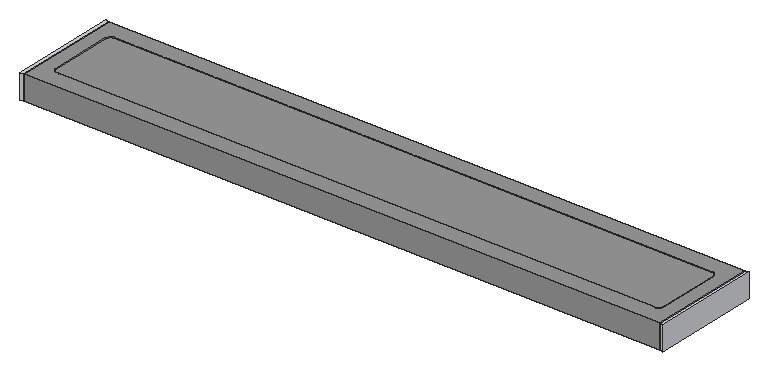
Revit family "0044079 Sylvania Lighting Fixture OPTIX S 1200 MPO DI 4000K WHITE", category Lighting Fixtures, host Face, Revit 2016
Family settings
  Host = Face
  Part Type = Normal
  Round Connector Dimension = Use Diameter
  OmniClass Number = 23.80.70.00
  OmniClass Title = Lighting
  Cut with Voids When Loaded = No
  Light Source = Yes
  Shared = No
  Room Calculation Point = No
Parameters (values of type "0044079 OPTIX S 1200 MPO D/I 4K WHITE")
  spacer height = 5 mm
  spacer centres = 1000 mm
  lens width = 1135 mm
  full length = 1200 mm
  Width = 200 mm
  Weight = "n/a"
  Wattage Comments = ""
  Wattage = 9.2903 W
  WarrantyStartDate [instance] = "n/a"
  WarrantyGuarantorParts = "n/a"
  WarrantyDurationUnit = "n/a"
  WarrantyDurationParts = ""
  WarrantyDescription = "http://www.sylvania-lighting.com"
  built-in parameter 1150110 = 1 (stored number, unit not read)
  Voltage = 0 V
  URL = "0.95"
  TypeName = "OPTIX S 1200 MPO D/I 4000K WHITE"
  Type Image = <None>
  Type Comments = "n/a"
  built-in parameter 1114217 = 1 (stored number, unit not read)
  Tilt Angle = 90.00°
  built-in parameter 1150109 = 1 (stored number, unit not read)
  built-in parameter 1150134 = 3
  built-in parameter 1150113 = 1 (stored number, unit not read)
  SerialNumber [instance] = "n/a"
  Photometric Web File = "0044079.ies"
  Material_3_FEILO = none
  PowerFactor = 0
  PowerConsumption = "Lighting"
  NominalLength = 200 mm
  NominalHeight = 0 mm
  NominalDepth = 0 mm
  Name = "OPTIX S 1200 MPO D/I 4000K WHITE"
  ModelReference = Name  # "OPTIX S 1200 MPO D/I 4000K WHITE"
  ModelNumber = "0044079"
  Model = Name  # "OPTIX S 1200 MPO D/I 4000K WHITE"
  Material = "Feilo Sylvania"
  ManufacturerName = "136 lm/W"
  Manufacturer = ""
  LuminousEfficacy = ""
  built-in parameter 1150105 = 109.82 (stored number, unit not read)
  Lumens = 1380 lm
  LuminaireType = "0"
  built-in parameter 1150115 = 1 (stored number, unit not read)
  LightOutputRatio = "LED"
  built-in parameter 1150137 = (empty or 0)
  built-in parameter 1150139 = (empty or 0)
  Lens Width = 135 mm
  Length = 1188 mm
  LampsType = Lamp  # "n/a"
  LampNominalLuminous = "4000 K"
  LampMacAdamStep = "80"
  LampColourTemperature = "LED"
  LampColourRenderingIndex = "16500"
  built-in parameter 1150112 = 1 (stored number, unit not read)
  built-in parameter 1150114 = 1 (stored number, unit not read)
  Lamp = "n/a"
  Keynote = "n/a"
  InstallationDate [instance] = "n/a"
  InputVoltage = "0"
  InputNominalFrequency = "4000"
  built-in parameter 1150132 = (empty or 0)
  built-in parameter 1150102 = (empty or 0)
  built-in parameter 1150107 = 3200 (stored number, unit not read)
  built-in parameter 1150138 = (empty or 0)
  IngressProtection = "IfcLightFixtureType"
  ImpactProtectionIndex = "IfcLightFixtureType"
  built-in parameter 1150106 = 1.0982 (stored number, unit not read)
  IfcExportType = "IfcLightFixtureType"
  IfcExportAs = "Class I"
  Height = 50 mm
  ExpectedLife = 50000
  Emit from Circle Diameter = 609.6 mm
  Emit Shape Visible in Rendering = no
  ElectricShockClassification = "136"
  built-in parameter 1150104 = 13.8 (stored number, unit not read)
  DurationUnit = "hours"
  DocumentationLiterature = "http://www.sylvania-lighting.com/product/en-int/products/0044079"
  DimmingControlOptions = "n/a"
  Material_2_FEILO = none
  Dimming Lamp Color Temperature Shift = <None>
  Description = "OPTIX S 1200 MPO D/I 4K WHITE is a high efficacy low glare surface or suspended LED Linear luminaire with Micro Prismatic Optic, with direct/indirect light distribution, luminaire dimensions: 1200x200x50mm, Sylvania White body colour (RAL9016), IP20, IK07, Constant Current driver, low LED flicker (+/-5%), Neutral White (4000K) LED Colour Temperature, 4900lm luminous flux, 36W power consumption, 136lm/W system efficacy, CRI>80, SDCM 3 (3-step MacAdam ellipse) LED Colour Consistency, UGR<17, Luminance at 65° < 3000 cd/m2, lumen maintenance: L90B50 at 60000h, photobiological safety risk group 1. Electrical protection Class I."
  Default Elevation = 1219.2 mm
  CreatedOn = "20/10/2020"
  CreatedBy = "@sylvania-lighting.com"
  Cost = 0
  Color Filter = 16777215
  built-in parameter 1114216 [instance] = (empty or 0)
  ClassificationValue = "EF_70_80"
  ClassificationName = "Uniclass2015"
  Material_1_FEILO = none
  BarCode [instance] = "n/a"
  built-in parameter 1114218 = 1 (stored number, unit not read)
  built-in parameter 1150133 = 10 (stored number, unit not read)
  AssetType = "Fixed"
  AssetIdentifier [instance] = "n/a"
  Assembly Code = "D5020200"
  Apparent Load = 36 VA
  Material_4_FEILO = none
Reference planes
  plane 1 "Center (Front/Back)": y = 0
  plane 2: z = 0
  plane 3 "Center (Left/Right)": x = 0
  plane 4: z = 0
  plane 5: z = 50
  plane 6: y = 100
  plane 7: y = -100
  plane 8: x = -594
  plane 9: x = 594
  plane 10: z = 5
  plane 11: x = -500
  plane 12: x = 500
  plane 13: y = 10
  plane 14: y = -10
  plane 15: x = 487.5
  plane 16: x = 512.5
  plane 17: x = -512.5
  plane 18: x = -487.5
  plane 19: x = -567.5
  plane 20: x = 567.5
  plane 21: y = 67.5
  plane 22: y = -67.5
  plane 23: x = -557.5
  plane 24: y = 57.5
  plane 25: y = -57.5
  plane 26: x = 557.5
  plane 27: x = -600
  plane 28: x = 600
Forms (mm)
  Extrusion 1, solid, material "Aluminum 1100-H18", detail levels medium+fine
    sketch origin (4.2, 0, 0) x (1, 0, 0) y (0, 1, 0)
      loop
        line (-598.2, 100) -> (-598.2, -100) -> (589.8, -100) -> (589.8, 100) -> (-598.2, 100)
    from 5 to 50
  Extrusion 2, solid
    sketch origin (4.2, 0, 0) x (1, 0, 0) y (0, 1, 0)
      loop
        line (483.3, 10) -> (483.3, -10) -> (508.3, -10) -> (508.3, 10) -> (483.3, 10)
    from 0 to 5
  Extrusion 3, solid
    sketch origin (4.2, 0, 0) x (1, 0, 0) y (0, 1, 0)
      loop
        line (-516.7, 10) -> (-516.7, -10) -> (-491.7, -10) -> (-491.7, 10) -> (-516.7, 10)
    from 0 to 5
  Extrusion 4, void, detail levels fine
    sketch origin (4.2, 0, 0) x (0, 1, 0) y (1, 0, 0)
      loop
        line (67.5, -561.7) -> (67.5, 553.3)
        arc (67.5, 553.3) -> (64.571, 560.371) -> (57.5, 563.3) r 10
        line (57.5, 563.3) -> (-57.5, 563.3)
        arc (-57.5, 563.3) -> (-64.571, 560.371) -> (-67.5, 553.3) r 10
        line (-67.5, 553.3) -> (-67.5, -561.7)
        arc (-67.5, -561.7) -> (-64.571, -568.771) -> (-57.5, -571.7) r 10
        line (-57.5, -571.7) -> (57.5, -571.7)
        arc (57.5, -571.7) -> (64.571, -568.771) -> (67.5, -561.7) r 10
    from -50 to -48
  Extrusion 5, solid, detail levels medium+fine
    sketch origin (4.2, 0, 0) x (1, 0, 0) y (0, 1, 0)
      loop
        line (-604.2, 100) -> (-604.2, -100) -> (-598.2, -100) -> (-598.2, 100) -> (-604.2, 100)
    from 5 to 50
  Extrusion 6, solid, detail levels medium+fine
    sketch origin (4.2, 0, 0) x (1, 0, 0) y (0, 1, 0)
      loop
        line (589.8, 100) -> (589.8, -100) -> (595.8, -100) -> (595.8, 100) -> (589.8, 100)
    from 5 to 50
  Extrusion 7, solid, material "Glass, White, High Luminance", detail levels fine
    sketch origin (4.2, 0, 0) x (1, 0, 0) y (0, 1, 0)
      loop
        arc (-561.7, 67.5) -> (-568.771, 64.571) -> (-571.7, 57.5) r 10
        line (-571.7, 57.5) -> (-571.7, -57.5)
        arc (-571.7, -57.5) -> (-568.771, -64.571) -> (-561.7, -67.5) r 10
        line (-561.7, -67.5) -> (553.3, -67.5)
        arc (553.3, -67.5) -> (560.371, -64.571) -> (563.3, -57.5) r 10
        line (563.3, -57.5) -> (563.3, 57.5)
        arc (563.3, 57.5) -> (560.371, 64.571) -> (553.3, 67.5) r 10
        line (553.3, 67.5) -> (-561.7, 67.5)
    from 48 to 49.5
  Extrusion 8, solid, detail levels coarse
    sketch origin (4.2, 0, 0) x (1, 0, 0) y (0, 1, 0)
      loop
        line (-604.2, 100) -> (-604.2, -100) -> (595.8, -100) -> (595.8, 100) -> (-604.2, 100)
    from 0 to 50
Cuts and joins
  Extrusion 4 cuts Extrusion 2
  Extrusion 4 cuts Extrusion 3
  Extrusion 4 cuts Extrusion 1
Dimensions and locks
  "Width": plane 6 to plane 7
  equal spacing: plane 6, plane 1 "Center (Front/Back)", plane 7
  "Length": plane 8 to plane 9
  equal spacing: plane 8, plane 3 "Center (Left/Right)", plane 9
  "spacer height": plane 10 to host face
  "Height": plane 5 to level
  "spacer centres": plane 11 to plane 12
  equal spacing: plane 11, plane 3 "Center (Left/Right)", plane 12
  "lens width": plane 19 to plane 20
  equal spacing: plane 19, plane 3 "Center (Left/Right)", plane 20
  "Lens Width": plane 21 to plane 22
  equal spacing: plane 21, plane 1 "Center (Front/Back)", plane 22
  "full length": plane 27 to plane 28
  equal spacing: plane 27, plane 3 "Center (Left/Right)", plane 28
  aligned and locked: plane 2 to host face
  aligned and locked: level to host face
Automatic sketch dimensions
  host sketch curve to host sketch curve = 2438.4 mm  (x2)
  Extrusion 1 sketch curve to plane 7 = 0 mm
  Extrusion 1 sketch curve to plane 8 = 0 mm
  Extrusion 1 sketch curve to plane 9 = 0 mm
  Extrusion 1 sketch curve to plane 6 = 0 mm
  Extrusion 2 sketch curve to plane 14 = 0 mm
  Extrusion 2 sketch curve to plane 15 = 0 mm
  Extrusion 2 sketch curve to plane 16 = 0 mm
  Extrusion 2 sketch curve to plane 13 = 0 mm
  Extrusion 3 sketch curve to plane 14 = 0 mm
  Extrusion 3 sketch curve to plane 17 = 0 mm
  Extrusion 3 sketch curve to plane 18 = 0 mm
  Extrusion 3 sketch curve to plane 13 = 0 mm
  Extrusion 4 sketch curve to plane 22 = 0 mm
  Extrusion 4 sketch curve to plane 19 = 0 mm
  Extrusion 4 sketch curve to plane 25 = 0 mm  (x2)
  Extrusion 4 sketch curve to plane 20 = 0 mm
  Extrusion 4 sketch curve to plane 24 = 0 mm  (x2)
  Extrusion 4 sketch curve to plane 23 = 0 mm
  Extrusion 5 sketch curve to plane 7 = 0 mm
  Extrusion 5 sketch curve to plane 27 = 0 mm
  Extrusion 5 sketch curve to plane 8 = 0 mm
  Extrusion 5 sketch curve to plane 6 = 0 mm
  Extrusion 6 sketch curve to plane 7 = 0 mm
  Extrusion 6 sketch curve to plane 9 = 0 mm
  Extrusion 6 sketch curve to plane 28 = 0 mm
  Extrusion 6 sketch curve to plane 6 = 0 mm
  Extrusion 7 sketch curve to plane 23 = 0 mm  (x2)
  Extrusion 7 sketch curve to plane 21 = 0 mm
  Extrusion 7 sketch curve to plane 22 = 0 mm
  Extrusion 7 sketch curve to plane 26 = 0 mm  (x2)
  Extrusion 7 sketch curve to plane 20 = 0 mm
  Extrusion 7 sketch curve to plane 24 = 0 mm
  Extrusion 8 sketch curve to plane 7 = 0 mm
  Extrusion 8 sketch curve to plane 27 = 0 mm
  Extrusion 8 sketch curve to plane 28 = 0 mm
  Extrusion 8 sketch curve to plane 6 = 0 mm
Connectors
  electrical at (0, 0, 0), driven by "Apparent Load", driven by "PowerFactor", driven by "Voltage"
    settings: index 1, voltage 0 V, apparent load 36 VA, apparent load phase1 0 VA, apparent load phase2 0 VA, apparent load phase3 0 VA, power factor 0, load classification "Lighting", number of poles 1, system type 30, power factor state 1, is connector primary yes, connector utility no, sub classification motor no, connector description ""
